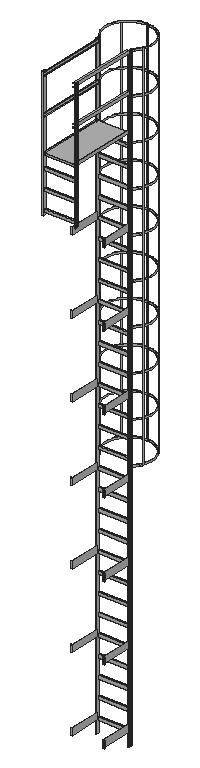
Revit family "Drabina_ewakuacyjna_z_attyka", category Specialty Equipment, host Wall, Revit 2021
Family settings
  Host = Wall
  Round Connector Dimension = Use Diameter
  Part Type = Normal
  Always vertical = Yes
  Cut with Voids When Loaded = No
  Shared = No
  Room Calculation Point = No
Parameters (values of type "50cm od sciany")
  Wysokosc_kosza [instance] = 6000 mm
  URL = "taniedrabiny.pl"
  Type Comments = "Drabina z koszem i wejściem na dach"
  Odsuniecie_od_sciany = Odleglosc_od_sciany + 20 mm  # 520 mm
  Odleglosc_od_sciany = 500 mm
  Material = Blacha ocynkowana Ruukki
  Liczba_szczebli [instance] = (Dlugosc_drabiny - 200 mm) / 300 mm - 4  # 29
  Liczba_okregow_kosza [instance] = Wysokosc_kosza / 600 mm  # 10
  Liczba_mocowan [instance] = Dlugosc_drabiny / 1200 mm - 1  # 7
  Kosz [instance] = yes
  Dlugosc_drabiny [instance] = 10000 mm
  Default Elevation = 0 mm
Types (3, lengths in mm): name | Odsuniecie_od_sciany | Odleglosc_od_sciany | Material | Liczba_szczebli | Liczba_mocowan | Dlugosc_drabiny
  16cm od sciany | 180 | 160 | Aluminum, Anodized Red | 21 | 5 | 7700
  30cm od sciany | 320 | 300 | Blacha ocynkowana Ruukki | 21 | 5 | 7700
  50cm od sciany | 520 | 500 | Blacha ocynkowana Ruukki | 29 | 7 | 10000
Reference planes
  plane 1 "Wall": y = 0
  plane 2 "Center (Left/Right)": x = 125
  plane 3 "Back": y = 75
  plane 4 "odsuniecie_od_sciany": y = 595
  plane 5: z = 1000
Forms (mm)
  Sweep 1, solid, material "Blacha ocynkowana Ruukki" <- "Material"
    path in 3D
      loop
        line (386, 595, 800) -> (386, 595, 10800)
    profile "Profil_cienkoscienny_C : Profil_cienkoscienny_C" origin (386, 595, 5800) x (-1, 0, 0) y (0, -1, 0)
      loop
        line (11, 18.5) -> (11, -18.5) -> (-12.5, -18.5) -> (-12.5, -20) -> (12.5, -20) -> (12.5, 20) -> (-12.5, 20) -> (-12.5, 18.5) -> (11, 18.5)
  Sweep 2, solid, material "Blacha ocynkowana Ruukki" <- "Material"
    path in 3D
      loop
        line (-136, 595, 800) -> (-136, 595, 10800)
    profile "Profil_cienkoscienny_C : Profil_cienkoscienny_C" origin (-136, 595, 5800) x (-1, 0, 0) y (0, -1, 0)
      loop
        line (-11, 18.5) -> (12.5, 18.5) -> (12.5, 20) -> (-12.5, 20) -> (-12.5, -20) -> (12.5, -20) -> (12.5, -18.5) -> (-11, -18.5) -> (-11, 18.5)
Lines and regions (mm)
  Masking region 1
    outline origin (0, 0, 0) x (1, 0, 0) y (0, 1, 0)
      loop
        line (-148.5, 613.5) -> (-148.5, 576.5) -> (-125, 576.5) -> (-125, 613.5) -> (-148.5, 613.5)
      loop
        line (375, 576.5) -> (398.5, 576.5) -> (398.5, 613.5) -> (375, 613.5) -> (375, 576.5)
  reference lines
    curve 1: line (386, 595, 800) -> (386, 595, 10800)
    curve 2: line (-136, 595, 800) -> (-136, 595, 10800)
  sketch lines
    curve 3: line (386, 595, 800) -> (386, 595, 10800)
    curve 4: line (-136, 595, 800) -> (-136, 595, 10800)
Text (mm)
  text "Placement Side" at (-1848.837, 1116.779, 0), in view "Ref. Level"
  text "Placement side" at (0, 1409.804, 2854.306), in view "Left"
  text "Placement side" at (0, 499.811, 2980.732), in view "Right"
Dimensions and locks
  locked: plane 3 "Back" to host wall
  equal spacing: curve 2, plane 2 "Center (Left/Right)", curve 1  (x2)
  level to curve 1 = 800 mm
  level to curve 2 = 800 mm
  "Dlugosc_drabiny": curve 1 to curve 1
  "Dlugosc_drabiny": curve 2 to curve 2
  curve 2 to curve 1 = 522 mm
  locked: curve 1 to plane 5 at 200
  "Odsuniecie_od_sciany": plane 3 "Back" to plane 4 "odsuniecie_od_sciany"
  Sweep 1 to Sweep 2 = 500 mm
  aligned and locked: plane 1 "Wall" to host wall
  aligned and locked: plane 4 "odsuniecie_od_sciany" to curve 2
  aligned and locked: plane 4 "odsuniecie_od_sciany" to nested 1
  aligned and locked: plane 5 to nested 1
  aligned and locked: nested 2 to Sweep 2  (x2)
  aligned and locked: nested 3 to plane 3 "Back"
  aligned and locked: plane 5 to nested 3
  aligned and locked: nested 4 to plane 5
  aligned and locked: plane 3 "Back" to nested 4
  aligned and locked: Sweep 2 to Masking region 1 sketch curve
  aligned and locked: Masking region 1 sketch curve to Sweep 2  (x2)
  aligned and locked: Sweep 2 to nested 3
  aligned and locked: Masking region 1 sketch curve to Sweep 1  (x3)
  aligned and locked: Sweep 1 to nested 4
  aligned and locked: plane 3 "Back" to nested 3
  aligned and locked: nested 4 to plane 3 "Back"
  aligned and locked: nested 5 to Sweep 2  (x2)
Automatic sketch dimensions
  Masking region 1 sketch curve to Masking region 1 sketch curve = 23.5 mm  (x2)
Nested families
  nested 1: "Szczeble_szereg" at (125, 595, 1025), type "Szczeble_szereg"
    with Szerokosc_szczebli 500 mm, Liczba_szczebli 29
  nested 2: "Kosz_drabiny" at (125, 615, 4800), visible <- "Kosz", type "Kosz_drabiny"
    with Wysokosc_kosza 6000 mm, Liczba_okregow_kosza 10
  nested 3: "Mocowania_szereg" at (-123.5, 325, 1000) x (0, -1, 0) z (0, 0, 1), type "Mocowanie"
    with Liczba_mocowan 7, Glebokosc 500 mm
  nested 4: "Mocowania_szereg" at (373.5, 325, 1000) x (0, -1, 0) z (0, 0, 1), type "Mocowanie"
    with Liczba_mocowan 7, Glebokosc 500 mm
  nested 5: "Przejscie_attyka_do_drabiny" at (125, 36.5, 8730) x (-1, 0, 0) z (0, 0, 1), type "Przejscie_attyka_do_drabiny"
Definition of nested family "Szczeble_szereg"
  Parameters (values of type "Szczeble_szereg")
    Szerokosc_szczebli = 512.5 mm
    Material = none
    Liczba_szczebli = 19
    Default Elevation = 0 mm
  Reference planes
    plane 1 "Center (Front/Back)": y = 0
    plane 2: z = 0
    plane 3 "Center (Left/Right)": x = 0
  Dimensions and locks
    equal spacing: group 1, group 2, group 3, group 4, group 5, group 6, group 7, group 8, group 9, group 10, group 11, group 12, group 13, group 14, group 15, group 16, group 17, group 18, group 19  (x3)
    aligned and locked: level to plane 2
  Nested families
    nested 1: "Szcebel_drabiny" at (0, 0, 0), type "Szcebel_drabiny"
    nested 2: "Szcebel_drabiny" at (0, 0, 300), type "Szcebel_drabiny"
    nested 3: "Szcebel_drabiny" at (0, 0, 600), type "Szcebel_drabiny"
    nested 4: "Szcebel_drabiny" at (0, 0, 900), type "Szcebel_drabiny"
    nested 5: "Szcebel_drabiny" at (0, 0, 1200), type "Szcebel_drabiny"
    nested 6: "Szcebel_drabiny" at (0, 0, 1500), type "Szcebel_drabiny"
    nested 7: "Szcebel_drabiny" at (0, 0, 1800), type "Szcebel_drabiny"
    nested 8: "Szcebel_drabiny" at (0, 0, 2100), type "Szcebel_drabiny"
    nested 9: "Szcebel_drabiny" at (0, 0, 2400), type "Szcebel_drabiny"
    nested 10: "Szcebel_drabiny" at (0, 0, 2700), type "Szcebel_drabiny"
    nested 11: "Szcebel_drabiny" at (0, 0, 3000), type "Szcebel_drabiny"
    nested 12: "Szcebel_drabiny" at (0, 0, 3300), type "Szcebel_drabiny"
    nested 13: "Szcebel_drabiny" at (0, 0, 3600), type "Szcebel_drabiny"
    nested 14: "Szcebel_drabiny" at (0, 0, 3900), type "Szcebel_drabiny"
    nested 15: "Szcebel_drabiny" at (0, 0, 4200), type "Szcebel_drabiny"
    nested 16: "Szcebel_drabiny" at (0, 0, 4500), type "Szcebel_drabiny"
    nested 17: "Szcebel_drabiny" at (0, 0, 4800), type "Szcebel_drabiny"
    nested 18: "Szcebel_drabiny" at (0, 0, 5100), type "Szcebel_drabiny"
    nested 19: "Szcebel_drabiny" at (0, 0, 5400), type "Szcebel_drabiny"
  Definition of nested family "Szcebel_drabiny"
    Parameters (values of type "Szcebel_drabiny")
      Wysokosc_szczebla = 50 mm
      Szerokosc_szczebla = 512.5 mm
      Material = none
      Liczba_szczebli = 5
      Default Elevation = 0 mm
    Reference planes
      plane 1 "Center (Front/Back)": y = 0
      plane 2: z = 0
      plane 3 "Center (Left/Right)": x = 0
    Forms (mm)
      Extrusion 1, solid, material <- "Material"
        sketch origin (0, 0, 0) x (1, 0, 0) y (0, 0, 1)
          loop
            line (-256.25, 25) -> (-256.25, -25) -> (256.25, -25) -> (256.25, 25) -> (-256.25, 25)
        from -15 to 15
    Dimensions and locks
      equal spacing: Extrusion 1, plane 3 "Center (Left/Right)", Extrusion 1
      "Szerokosc_szczebla": Extrusion 1 to Extrusion 1
      equal spacing: Extrusion 1, level, Extrusion 1
      "Wysokosc_szczebla": Extrusion 1 to Extrusion 1
      aligned and locked: level to plane 2
    Automatic sketch dimensions
      Extrusion 1 sketch curve to Extrusion 1 sketch curve = 512.5 mm
      Extrusion 1 sketch curve to Extrusion 1 sketch curve = 50 mm
      Extrusion 1 sketch curve to level = 25 mm
      Extrusion 1 sketch curve to plane 3 "Center (Left/Right)" = 256.25 mm
Definition of nested family "Kosz_drabiny"
  Parameters (values of type "Kosz_drabiny")
    Wysokosc_kosza = 2915 mm
    Szerokosc = 500 mm
    Promien = 375 mm
    Material = none
    Liczba_okregow_kosza = 6
    Default Elevation = 0 mm
  Reference planes
    plane 1 "Center (Front/Back)": y = 0
    plane 2: z = 0
    plane 3 "Center (Left/Right)": x = 0
    plane 4: z = 2915
  Forms (mm)
    Extrusion 1, solid, material <- "Material"
      sketch origin (0, 0, 0) x (1, 0, 0) y (0, 1, 0)
        loop
          line (-10, 656.508) -> (-10, 654.508) -> (10, 654.508) -> (10, 656.508) -> (-10, 656.508)
        loop
          line (-346.395, 130.033) -> (-344.507, 130.693) -> (-351.103, 149.574) -> (-352.991, 148.914) -> (-346.395, 130.033)
        loop
          line (-306.833, 499.588) -> (-305.252, 498.364) -> (-293.009, 514.179) -> (-294.591, 515.403) -> (-306.833, 499.588)
        loop
          line (346.395, 130.033) -> (352.991, 148.914) -> (351.103, 149.574) -> (344.507, 130.693) -> (346.395, 130.033)
        loop
          line (306.833, 499.588) -> (294.591, 515.403) -> (293.009, 514.179) -> (305.252, 498.364) -> (306.833, 499.588)
      from 0 to 2915
  Dimensions and locks
    "Wysokosc_kosza": plane 4 to plane 2
    equal spacing: group 1, group 3, group 4, group 5, group 6, group 2  (x3)
    aligned and locked: level to plane 2
    aligned and locked: nested 2 to plane 4
    aligned and locked: plane 4 to Extrusion 1
    aligned and locked: Extrusion 1 to level
  Automatic sketch dimensions
    Extrusion 1 sketch curve to plane 1 "Center (Front/Back)" = 148.914 mm
    Extrusion 1 sketch curve to plane 3 "Center (Left/Right)" = 352.991 mm
    Extrusion 1 sketch curve to plane 1 "Center (Front/Back)" = 149.574 mm  (x2)
    Extrusion 1 sketch curve to Extrusion 1 sketch curve = 1.888 mm  (x2)
    Extrusion 1 sketch curve to plane 1 "Center (Front/Back)" = 130.033 mm  (x2)
    Extrusion 1 sketch curve to plane 3 "Center (Left/Right)" = 306.833 mm
    Extrusion 1 sketch curve to Extrusion 1 sketch curve = 1.582 mm  (x2)
    Extrusion 1 sketch curve to Extrusion 1 sketch curve = 12.242 mm  (x2)
    Extrusion 1 sketch curve to plane 3 "Center (Left/Right)" = 10 mm
    plane 3 "Center (Left/Right)" to Extrusion 1 sketch curve = 10 mm
    plane 3 "Center (Left/Right)" to Extrusion 1 sketch curve = 293.009 mm
    plane 3 "Center (Left/Right)" to Extrusion 1 sketch curve = 344.507 mm
    Extrusion 1 sketch curve to Extrusion 1 sketch curve = 6.596 mm
    Extrusion 1 sketch curve to Extrusion 1 sketch curve = 348.79 mm  (x2)
    Extrusion 1 sketch curve to Extrusion 1 sketch curve = 1.224 mm  (x2)
    Extrusion 1 sketch curve to Extrusion 1 sketch curve = 140.329 mm
    Extrusion 1 sketch curve to Extrusion 1 sketch curve = 2 mm
  Nested families
    nested 1: "Kosz_blacha_okalajaca" at (0, 0, 25), type "Kosz_blacha_okalajaca"
    nested 2: "Kosz_blacha_okalajaca" at (0, 0, 2915), type "Kosz_blacha_okalajaca"
    nested 3: "Kosz_blacha_okalajaca" at (0, 0, 603), type "Kosz_blacha_okalajaca"
    nested 4: "Kosz_blacha_okalajaca" at (0, 0, 1181), type "Kosz_blacha_okalajaca"
    nested 5: "Kosz_blacha_okalajaca" at (0, 0, 1759), type "Kosz_blacha_okalajaca"
    nested 6: "Kosz_blacha_okalajaca" at (0, 0, 2337), type "Kosz_blacha_okalajaca"
  Definition of nested family "Kosz_blacha_okalajaca"
    Parameters (values of type "Kosz_blacha_okalajaca")
      Width = 500 mm
      Radius = 375 mm
      Material = none
      Default Elevation = 0 mm
    Reference planes
      plane 1 "Center (Front/Back)": y = 0
      plane 2: z = 0
      plane 3 "Center (Left/Right)": x = 0
      plane 4: x = -250
      plane 5: x = 250
    Forms (mm)
      Sweep 1, solid, material <- "Material"
        path in 3D
          loop
            arc (-250, 0, 0) -> (0, 654.508, 0) -> (250, 0, 0) r 375
        profile "Profil_blachy_kosz : Profil_blachy_kosz" origin (0, 654.508, 0) x (0, 1, 0) y (0, 0, 1)
          loop
            line (0, 0) -> (-2, 0) -> (-2, -25) -> (0, -25) -> (0, 0)
    Lines and regions (mm)
      reference lines
        curve 1: arc (-250, 0, 0) -> (0, 654.508, 0) -> (250, 0, 0) r 375
      sketch lines
        curve 2: arc (-250, 0, 0) -> (0, 654.508, 0) -> (250, 0, 0) r 375
    Dimensions and locks
      equal spacing: plane 4, plane 3 "Center (Left/Right)", plane 5
      plane 4 to plane 5 = 500 mm
      "Width": plane 4 to plane 5
      "Radius": radius of curve 1
      aligned and locked: level to plane 2
      aligned and locked: plane 5 to curve 1
      aligned and locked: plane 4 to curve 1
    Automatic sketch dimensions
      curve 1 to plane 3 "Center (Left/Right)" = 0 mm
      plane 1 "Center (Front/Back)" to curve 1 = 0 mm
Definition of nested family "Mocowania_szereg"
  Parameters (values of type "16cm")
    Wysokosc_calkowita = 2260 mm
    Wysokosc = 107.201 mm
    Szerokosc = 25 mm
    Material = none
    Liczba_mocowan = 5
    Glebokosc = 160 mm
    Default Elevation = 0 mm
  Types (4, lengths in mm): name | Glebokosc
    (no name) | 160
    16cm | 160
    30cm | 300
    50cm | 500
  Reference planes
    plane 1 "Center (Front/Back)": y = 0
    plane 2: z = 0
    plane 3 "Center (Left/Right)": x = 0
    plane 4: x = -80
    plane 5: x = 80
  Dimensions and locks
    equal spacing: plane 4, plane 3 "Center (Left/Right)", plane 5
    "Glebokosc": plane 4 to plane 5
    equal spacing: group 1, group 2, group 3, group 4, group 5  (x3)
    aligned and locked: level to plane 2
  Nested families
    nested 1: "Katawnik" at (0, 0, 0), type "16cm"
    nested 2: "Katawnik" at (0, 0, 1200), type "16cm"
    nested 3: "Katawnik" at (0, 0, 2400), type "16cm"
    nested 4: "Katawnik" at (0, 0, 3600), type "16cm"
    nested 5: "Katawnik" at (0, 0, 4800), type "16cm"
  Definition of nested family "Katawnik"
    Parameters (values of type "16cm")
      Wysokosc = 107.201 mm
      Szerokosc = 25 mm
      Material = none
      Glebokosc = 160 mm
      Default Elevation = 0 mm
    Reference planes
      plane 1 "Center (Front/Back)": y = 0
      plane 2: z = 0
      plane 3 "Center (Left/Right)": x = 0
    Forms (mm)
      Extrusion 1, solid, material <- "Material"
        sketch origin (0, 0, 0) x (1, 0, 0) y (0, 1, 0)
          loop
            line (-80, 0) -> (-80, -25) -> (-78, -25) -> (-78, -2) -> (78, -2) -> (78, -25) -> (80, -25) -> (80, 0) -> (-80, 0)
        from 0 to 107.201 <- "Wysokosc"
    Dimensions and locks
      locked: Extrusion 1 sketch curve to Extrusion 1 sketch curve at 2  (x3)
      equal spacing: Extrusion 1, plane 3 "Center (Left/Right)", Extrusion 1
      "Glebokosc": Extrusion 1 to Extrusion 1
      "Szerokosc": Extrusion 1 to plane 1 "Center (Front/Back)"
      aligned and locked: level to plane 2
      aligned and locked: Extrusion 1 sketch curve to Extrusion 1 sketch curve
    Automatic sketch dimensions
      plane 1 "Center (Front/Back)" to Extrusion 1 sketch curve = 0 mm
      Extrusion 1 sketch curve to plane 3 "Center (Left/Right)" = 80 mm
      plane 3 "Center (Left/Right)" to Extrusion 1 sketch curve = 78 mm
      Extrusion 1 sketch curve to Extrusion 1 sketch curve = 23 mm
Definition of nested family "Przejscie_attyka_do_drabiny"
  Parameters (values of type "Przejscie_attyka_do_drabiny")
    Wysokosc = 2070 mm
    Szerokosc = 550 mm
    Material = none
    Dlugosc = 1080 mm
    Default Elevation = 0 mm
  Reference planes
    plane 1 "Center (Front/Back)": y = 0
    plane 2: z = 0
    plane 3 "Center (Left/Right)": x = 0
    plane 4: x = -275
    plane 5: x = 275
    plane 6: y = 540
    plane 7: y = -540
    plane 8 "szczyt": z = 2070
    plane 9 "podest": z = 900
    plane 10 "porecz1": z = 1458.446
  Forms (mm)
    Extrusion 1, solid, material <- "Material"
      sketch origin (0, 0, 900) x (-1, 0, 0) y (0, -1, 0)
        loop
          line (248.5, -540) -> (248.5, 535) -> (-248.5, 535) -> (-248.5, -540) -> (248.5, -540)
      from -23.5 to 0
    Extrusion 2, solid, material <- "Material"
      sketch origin (2.5, 0, 0) x (1, 0, 0) y (0, 0, 1)
        loop
          line (-252.5, 1483.446) -> (-252.5, 1433.446) -> (-227.5, 1433.446) -> (-227.5, 1434.946) -> (-251, 1434.946) -> (-251, 1481.946) -> (-227.5, 1481.946) -> (-227.5, 1483.446) -> (-252.5, 1483.446)
        loop
          line (247.5, 1483.446) -> (222.5, 1483.446) -> (222.5, 1481.946) -> (246, 1481.946) -> (246, 1434.946) -> (222.5, 1434.946) -> (222.5, 1433.446) -> (247.5, 1433.446) -> (247.5, 1483.446)
        loop
          line (-252.5, 2070) -> (-252.5, 2020) -> (-227.5, 2020) -> (-227.5, 2021.5) -> (-251, 2021.5) -> (-251, 2068.5) -> (-227.5, 2068.5) -> (-227.5, 2070) -> (-252.5, 2070)
        loop
          line (247.5, 2070) -> (222.5, 2070) -> (222.5, 2068.5) -> (246, 2068.5) -> (246, 2021.5) -> (222.5, 2021.5) -> (222.5, 2020) -> (247.5, 2020) -> (247.5, 2070)
      from -540 to 540
    Extrusion 3, solid, material <- "Material"
      sketch origin (0, 0, 1458.446) x (-1, 0, 0) y (0, -1, 0)
        loop
          line (275, -540) -> (275, -538.5) -> (251.5, -538.5) -> (251.5, -501.5) -> (275, -501.5) -> (275, -500) -> (250, -500) -> (250, -540) -> (275, -540)
        loop
          line (-275, -540) -> (-250, -540) -> (-250, -500) -> (-275, -500) -> (-275, -501.5) -> (-251.5, -501.5) -> (-251.5, -538.5) -> (-275, -538.5) -> (-275, -540)
      from -1458.446 to 611.554
    Sweep 4, solid, material <- "Material"
      path in 3D
        loop
          line (248.5, -535, 900) -> (248.5, 540, 900)
      profile "Profil_cienkoscienny_C : Profil_cienkoscienny_C_niski" origin (248.5, 2.5, 900) x (-1, 0, 0) y (0, 0, 1)
        loop
          line (0, 13.5) -> (13.5, 13.5) -> (13.5, 15) -> (-1.5, 15) -> (-1.5, -25) -> (13.5, -25) -> (13.5, -23.5) -> (0, -23.5) -> (0, 13.5)
    Sweep 5, solid, material <- "Material"
      path in 3D
        loop
          line (-248.5, 540, 900) -> (-248.5, -535, 900)
      profile "Profil_cienkoscienny_C : Profil_cienkoscienny_C_niski" origin (-248.5, 2.5, 900) x (1, 0, 0) y (0, 0, 1)
        loop
          line (0, 13.5) -> (13.5, 13.5) -> (13.5, 15) -> (-1.5, 15) -> (-1.5, -25) -> (13.5, -25) -> (13.5, -23.5) -> (0, -23.5) -> (0, 13.5)
    Extrusion 6, solid, material <- "Material"
      sketch origin (0, 0, -15) x (0, -1, 0) y (0, 0, -1)
        loop
          line (-505, -115) -> (-505, -65) -> (-535, -65) -> (-535, -115) -> (-505, -115)
      from -250 to 250
    Extrusion 7, solid, material <- "Material"
      sketch origin (0, 0, 285) x (0, -1, 0) y (0, 0, -1)
        loop
          line (-505, -115) -> (-505, -65) -> (-535, -65) -> (-535, -115) -> (-505, -115)
      from -250 to 250
    Extrusion 8, solid, material <- "Material"
      sketch origin (0, 0, 585) x (0, -1, 0) y (0, 0, -1)
        loop
          line (-505, -115) -> (-505, -65) -> (-535, -65) -> (-535, -115) -> (-505, -115)
      from -250 to 250
  Lines and regions (mm)
    reference lines
      curve 1: line (13731.091, 1179.629, 0) -> (14431.091, 1179.629, 0)
      curve 2: line (14231.091, 1629.629, 0) -> (13466.091, 1629.629, 0)
    sketch lines
      curve 3: line (248.5, -535, 900) -> (248.5, 540, 900)
      curve 4: line (-248.5, 540, 900) -> (-248.5, -535, 900)
  Dimensions and locks
    equal spacing: plane 4, plane 3 "Center (Left/Right)", plane 5
    "Szerokosc": plane 4 to plane 5
    equal spacing: plane 6, plane 1 "Center (Front/Back)", plane 7
    "Dlugosc": plane 6 to plane 7
    "Wysokosc": plane 8 "szczyt" to plane 2
    plane 9 "podest" to plane 2 = 900 mm
    aligned and locked: level to plane 2
    aligned and locked: plane 6 to Extrusion 2
    aligned and locked: Extrusion 2 to plane 7
    aligned and locked: plane 9 "podest" to Extrusion 1
    aligned and locked: plane 6 to Extrusion 1
  Automatic sketch dimensions
    plane 6 to curve 2 = 1089.629 mm
    plane 5 to curve 2 = 13191.091 mm
    curve 2 to curve 1 = 265 mm
    curve 1 to curve 2 = 500 mm
    curve 2 to curve 1 = 200 mm
    curve 1 to curve 2 = 450 mm
    Extrusion 1 sketch curve to plane 6 = 0 mm
    Extrusion 1 sketch curve to plane 5 = 26.5 mm
    plane 7 to Extrusion 1 sketch curve = 5 mm
    plane 4 to Extrusion 1 sketch curve = 26.5 mm
    Extrusion 2 sketch curve to plane 8 "szczyt" = 0 mm  (x2)
    plane 4 to Extrusion 2 sketch curve = 25 mm  (x2)
    Extrusion 2 sketch curve to Extrusion 2 sketch curve = 1.5 mm  (x10)
    Extrusion 2 sketch curve to Extrusion 2 sketch curve = 23.5 mm  (x6)
    Extrusion 2 sketch curve to plane 8 "szczyt" = 1.5 mm  (x2)
    Extrusion 2 sketch curve to plane 10 "porecz1" = 23.5 mm  (x2)
    Extrusion 2 sketch curve to plane 5 = 50 mm  (x2)
    Extrusion 2 sketch curve to Extrusion 2 sketch curve = 0 mm  (x2)
    plane 10 "porecz1" to Extrusion 2 sketch curve = 23.5 mm  (x2)
    Extrusion 2 sketch curve to Extrusion 2 sketch curve = 48.5 mm  (x2)
    Extrusion 3 sketch curve to plane 5 = 0 mm  (x2)
    Extrusion 3 sketch curve to plane 6 = 0 mm  (x2)
    Extrusion 3 sketch curve to plane 4 = 0 mm  (x2)
    Extrusion 3 sketch curve to plane 6 = 1.5 mm  (x2)
    Extrusion 3 sketch curve to Extrusion 3 sketch curve = 23.5 mm
    Extrusion 3 sketch curve to Extrusion 3 sketch curve = 1.5 mm  (x4)
    Extrusion 3 sketch curve to Extrusion 3 sketch curve = 25 mm
    Extrusion 3 sketch curve to Extrusion 3 sketch curve = 37 mm  (x2)
    plane 6 to Extrusion 6 sketch curve = 5 mm
    Extrusion 6 sketch curve to Extrusion 6 sketch curve = 30 mm
    Extrusion 6 sketch curve to level = 50 mm
    Extrusion 6 sketch curve to Extrusion 6 sketch curve = 50 mm
    plane 6 to Extrusion 7 sketch curve = 5 mm
    Extrusion 7 sketch curve to Extrusion 7 sketch curve = 30 mm
    Extrusion 7 sketch curve to level = 350 mm
    Extrusion 7 sketch curve to Extrusion 7 sketch curve = 50 mm
    plane 6 to Extrusion 8 sketch curve = 5 mm
    Extrusion 8 sketch curve to Extrusion 8 sketch curve = 30 mm
    plane 9 "podest" to Extrusion 8 sketch curve = 250 mm
    Extrusion 8 sketch curve to Extrusion 8 sketch curve = 50 mm
